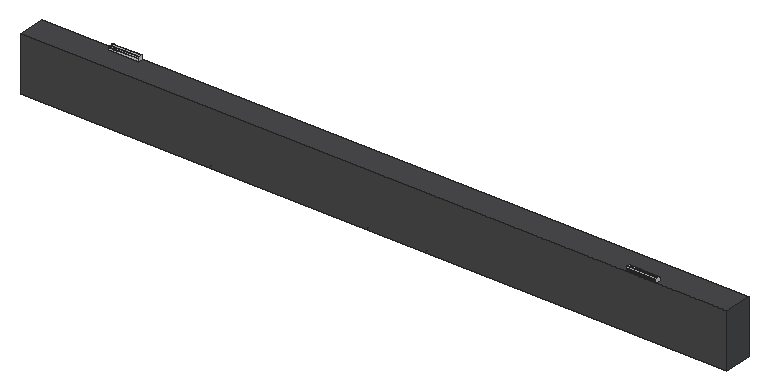
Revit family "DTM40N9.1", category Luminarias, Revit 2019
Family settings
  Cota de conector redondo = Diámetro de uso
  Tipo de pieza = Normal
  Se basa en plano de trabajo = Sí
  Siempre vertical = Sí
  Corte con vacíos al cargar = No
  Origen de luz = Sí
  Compartido = No
  Punto de cálculo de habitación = No
Parameters (values of type "RECTANGULAR DWN RIEL_DTM40N9.1.1535")
  Ángulo de inclinación = 60.00°
  Zone [instance] = ""
  Watt per fixture = 42.9
  Wattage = 42.9 W
  built-in parameter 1150107 = 4000 (stored number, unit not read)
  built-in parameter 1150110 = 1 (stored number, unit not read)
  built-in parameter 1150109 = 1 (stored number, unit not read)
  built-in parameter 1150112 = 1 (stored number, unit not read)
  built-in parameter 1150113 = 1 (stored number, unit not read)
  built-in parameter 1114218 = 1 (stored number, unit not read)
  Keynote = ""
  built-in parameter 1150137 = (empty or 0)
  built-in parameter 1150132 = (empty or 0)
  Modelo = "DTM40N9.1.1535"
  Lámpara = "3030SMD PHILIPS"
  built-in parameter 1150105 = 279.94 (stored number, unit not read)
  built-in parameter 1150102 = (empty or 0)
  built-in parameter 1150106 = 2.7994 (stored number, unit not read)
  Lumens = 3517.8 lm
  Color Filter = 16777215
  built-in parameter 1114217 = 1 (stored number, unit not read)
  built-in parameter 1150139 = (empty or 0)
  Fabricante = "BRILLANT"
  Default Elevation = 1219.2 mm
  built-in parameter 1150104 = 7.618 (stored number, unit not read)
  Descripción = "LUMINARIA DOWNLIGHT EN FORMATO RECTANGULAR COMPATIBLE CON RIEL DE 6 ENTRADAS Y 3 CIRCUITOS, CUERPO DE ALUMINIO ACABADO EN COLOR NEGRO, IP 20, PESO 1.98Kg, TIPO DE LED 3030SMD PHILIPS CON 42.9W TOTAL, 3200 LUMENES, 82LM/W, IRC 90, TEMPERATURA EN BLANCO FRIO 4000K, 50 MIL HORAS DE VIDA PROMEDIO, APERTURA ELIPTICA DE 15X35 GRADOS POR PROYECTO, ALIMENTADO A 90-240V"
  built-in parameter 1150115 = 1 (stored number, unit not read)
  built-in parameter 1150114 = 1 (stored number, unit not read)
  Comentarios de vataje = "90-240V"
  built-in parameter 1150138 = (empty or 0)
  built-in parameter 1150134 = 12
  Circuit [instance] = ""
  Dimming Lamp Color Temperature Shift = (empty or 0)
  Archivo de red fotométrica = "L964A-40W-840-B-15X35_IESNA95.IES"
  built-in parameter 1150133 = 10 (stored number, unit not read)
Reference planes
  plane 1 "Centro (Frontal/Posterior)": y = 0
  plane 2: z = 0
  plane 3 "Centro (Izquierda/Derecha)": x = 0
Forms (mm)
  Extrusion 1, solid, material "Default Form"
    sketch origin (0, 0, 0) x (1, 0, 0) y (0, 0, 1)
      loop
        line (-473, 0) -> (-473, -72) -> (473, -72) -> (473, 0) -> (-473, 0)
    from -18.326 to 18.326
  Extrusion 2, solid
    sketch origin (-250, 0, 3.217) x (0, -1, 0) y (0, 0, 1)
      loop
        line (-12.149, -3.217) -> (-12.149, 0) -> (-12.935, 0) -> (-12.935, 1.637) -> (-13.796, 1.637) -> (-13.796, 0) -> (-14.582, 0) -> (-14.582, 0.811) -> (-15.443, 0.811) -> (-15.443, 0) -> (-16.233, 0) -> (-16.233, 2.691) -> (-17.279, 2.691) -> (-17.279, 0) -> (-18.061, 0) -> (-18.061, -0.861) -> (-17.162, -0.861) -> (-17.162, -2.042) -> (-18.326, -2.042) -> (-18.326, -3.217) -> (-12.149, -3.217)
    from 89.098 to 128.24
  Blend 3, void
    base sketch origin (-293.63, 0, 0) x (1, 0, 0) y (0, 1, 0)
      loop
        line (-162, 16.149) -> (-162, -16.149) -> (-144.14, -16.149) -> (-144.14, 16.149) -> (-162, 16.149)
    top sketch origin (-293.63, 0, 0) x (1, 0, 0) y (0, 1, 0)
      loop
        line (-160, 12.149) -> (-160, -12.149) -> (-146.14, -12.149) -> (-146.14, 12.149) -> (-160, 12.149)
    from -72 to -61.591
  Blend 4, void
    base sketch origin (-267.33, 0, 0) x (1, 0, 0) y (0, 1, 0)
      loop
        line (-162, 16.149) -> (-162, -16.149) -> (-144.14, -16.149) -> (-144.14, 16.149) -> (-162, 16.149)
    top sketch origin (-267.33, 0, 0) x (1, 0, 0) y (0, 1, 0)
      loop
        line (-160, 12.149) -> (-160, -12.149) -> (-146.14, -12.149) -> (-146.14, 12.149) -> (-160, 12.149)
    from -72 to -61.591
  Blend 5, void
    base sketch origin (-241.03, 0, 0) x (1, 0, 0) y (0, 1, 0)
      loop
        line (-162, 16.149) -> (-162, -16.149) -> (-144.14, -16.149) -> (-144.14, 16.149) -> (-162, 16.149)
    top sketch origin (-241.03, 0, 0) x (1, 0, 0) y (0, 1, 0)
      loop
        line (-160, 12.149) -> (-160, -12.149) -> (-146.14, -12.149) -> (-146.14, 12.149) -> (-160, 12.149)
    from -72 to -61.591
  Blend 6, void
    base sketch origin (-214.73, 0, 0) x (1, 0, 0) y (0, 1, 0)
      loop
        line (-162, 16.149) -> (-162, -16.149) -> (-144.14, -16.149) -> (-144.14, 16.149) -> (-162, 16.149)
    top sketch origin (-214.73, 0, 0) x (1, 0, 0) y (0, 1, 0)
      loop
        line (-160, 12.149) -> (-160, -12.149) -> (-146.14, -12.149) -> (-146.14, 12.149) -> (-160, 12.149)
    from -72 to -61.591
  Blend 7, void
    base sketch origin (-188.43, 0, 0) x (1, 0, 0) y (0, 1, 0)
      loop
        line (-162, 16.149) -> (-162, -16.149) -> (-144.14, -16.149) -> (-144.14, 16.149) -> (-162, 16.149)
    top sketch origin (-188.43, 0, 0) x (1, 0, 0) y (0, 1, 0)
      loop
        line (-160, 12.149) -> (-160, -12.149) -> (-146.14, -12.149) -> (-146.14, 12.149) -> (-160, 12.149)
    from -72 to -61.591
  Blend 8, void
    base sketch origin (-162.13, 0, 0) x (1, 0, 0) y (0, 1, 0)
      loop
        line (-162, 16.149) -> (-162, -16.149) -> (-144.14, -16.149) -> (-144.14, 16.149) -> (-162, 16.149)
    top sketch origin (-162.13, 0, 0) x (1, 0, 0) y (0, 1, 0)
      loop
        line (-160, 12.149) -> (-160, -12.149) -> (-146.14, -12.149) -> (-146.14, 12.149) -> (-160, 12.149)
    from -72 to -61.591
  Blend 9, void
    base sketch origin (-135.83, 0, 0) x (1, 0, 0) y (0, 1, 0)
      loop
        line (-162, 16.149) -> (-162, -16.149) -> (-144.14, -16.149) -> (-144.14, 16.149) -> (-162, 16.149)
    top sketch origin (-135.83, 0, 0) x (1, 0, 0) y (0, 1, 0)
      loop
        line (-160, 12.149) -> (-160, -12.149) -> (-146.14, -12.149) -> (-146.14, 12.149) -> (-160, 12.149)
    from -72 to -61.591
  Blend 10, void
    base sketch origin (-109.53, 0, 0) x (1, 0, 0) y (0, 1, 0)
      loop
        line (-162, 16.149) -> (-162, -16.149) -> (-144.14, -16.149) -> (-144.14, 16.149) -> (-162, 16.149)
    top sketch origin (-109.53, 0, 0) x (1, 0, 0) y (0, 1, 0)
      loop
        line (-160, 12.149) -> (-160, -12.149) -> (-146.14, -12.149) -> (-146.14, 12.149) -> (-160, 12.149)
    from -72 to -61.591
  Blend 11, void
    base sketch origin (-83.23, 0, 0) x (1, 0, 0) y (0, 1, 0)
      loop
        line (-162, 16.149) -> (-162, -16.149) -> (-144.14, -16.149) -> (-144.14, 16.149) -> (-162, 16.149)
    top sketch origin (-83.23, 0, 0) x (1, 0, 0) y (0, 1, 0)
      loop
        line (-160, 12.149) -> (-160, -12.149) -> (-146.14, -12.149) -> (-146.14, 12.149) -> (-160, 12.149)
    from -72 to -61.591
  Blend 12, void
    base sketch origin (-56.93, 0, 0) x (1, 0, 0) y (0, 1, 0)
      loop
        line (-162, 16.149) -> (-162, -16.149) -> (-144.14, -16.149) -> (-144.14, 16.149) -> (-162, 16.149)
    top sketch origin (-56.93, 0, 0) x (1, 0, 0) y (0, 1, 0)
      loop
        line (-160, 12.149) -> (-160, -12.149) -> (-146.14, -12.149) -> (-146.14, 12.149) -> (-160, 12.149)
    from -72 to -61.591
  Blend 13, void
    base sketch origin (-30.63, 0, 0) x (1, 0, 0) y (0, 1, 0)
      loop
        line (-162, 16.149) -> (-162, -16.149) -> (-144.14, -16.149) -> (-144.14, 16.149) -> (-162, 16.149)
    top sketch origin (-30.63, 0, 0) x (1, 0, 0) y (0, 1, 0)
      loop
        line (-160, 12.149) -> (-160, -12.149) -> (-146.14, -12.149) -> (-146.14, 12.149) -> (-160, 12.149)
    from -72 to -61.591
  Blend 14, void
    base sketch origin (-4.33, 0, 0) x (1, 0, 0) y (0, 1, 0)
      loop
        line (-162, 16.149) -> (-162, -16.149) -> (-144.14, -16.149) -> (-144.14, 16.149) -> (-162, 16.149)
    top sketch origin (-4.33, 0, 0) x (1, 0, 0) y (0, 1, 0)
      loop
        line (-160, 12.149) -> (-160, -12.149) -> (-146.14, -12.149) -> (-146.14, 12.149) -> (-160, 12.149)
    from -72 to -61.591
  Blend 15, void
    base sketch origin (21.97, 0, 0) x (1, 0, 0) y (0, 1, 0)
      loop
        line (-162, 16.149) -> (-162, -16.149) -> (-144.14, -16.149) -> (-144.14, 16.149) -> (-162, 16.149)
    top sketch origin (21.97, 0, 0) x (1, 0, 0) y (0, 1, 0)
      loop
        line (-160, 12.149) -> (-160, -12.149) -> (-146.14, -12.149) -> (-146.14, 12.149) -> (-160, 12.149)
    from -72 to -61.591
  Blend 16, void
    base sketch origin (48.27, 0, 0) x (1, 0, 0) y (0, 1, 0)
      loop
        line (-162, 16.149) -> (-162, -16.149) -> (-144.14, -16.149) -> (-144.14, 16.149) -> (-162, 16.149)
    top sketch origin (48.27, 0, 0) x (1, 0, 0) y (0, 1, 0)
      loop
        line (-160, 12.149) -> (-160, -12.149) -> (-146.14, -12.149) -> (-146.14, 12.149) -> (-160, 12.149)
    from -72 to -61.591
  Blend 17, void
    base sketch origin (74.57, 0, 0) x (1, 0, 0) y (0, 1, 0)
      loop
        line (-162, 16.149) -> (-162, -16.149) -> (-144.14, -16.149) -> (-144.14, 16.149) -> (-162, 16.149)
    top sketch origin (74.57, 0, 0) x (1, 0, 0) y (0, 1, 0)
      loop
        line (-160, 12.149) -> (-160, -12.149) -> (-146.14, -12.149) -> (-146.14, 12.149) -> (-160, 12.149)
    from -72 to -61.591
  Blend 18, void
    base sketch origin (100.87, 0, 0) x (1, 0, 0) y (0, 1, 0)
      loop
        line (-162, 16.149) -> (-162, -16.149) -> (-144.14, -16.149) -> (-144.14, 16.149) -> (-162, 16.149)
    top sketch origin (100.87, 0, 0) x (1, 0, 0) y (0, 1, 0)
      loop
        line (-160, 12.149) -> (-160, -12.149) -> (-146.14, -12.149) -> (-146.14, 12.149) -> (-160, 12.149)
    from -72 to -61.591
  Blend 19, void
    base sketch origin (127.17, 0, 0) x (1, 0, 0) y (0, 1, 0)
      loop
        line (-162, 16.149) -> (-162, -16.149) -> (-144.14, -16.149) -> (-144.14, 16.149) -> (-162, 16.149)
    top sketch origin (127.17, 0, 0) x (1, 0, 0) y (0, 1, 0)
      loop
        line (-160, 12.149) -> (-160, -12.149) -> (-146.14, -12.149) -> (-146.14, 12.149) -> (-160, 12.149)
    from -72 to -61.591
  Blend 20, void
    base sketch origin (153.47, 0, 0) x (1, 0, 0) y (0, 1, 0)
      loop
        line (-162, 16.149) -> (-162, -16.149) -> (-144.14, -16.149) -> (-144.14, 16.149) -> (-162, 16.149)
    top sketch origin (153.47, 0, 0) x (1, 0, 0) y (0, 1, 0)
      loop
        line (-160, 12.149) -> (-160, -12.149) -> (-146.14, -12.149) -> (-146.14, 12.149) -> (-160, 12.149)
    from -72 to -61.591
  Blend 21, void
    base sketch origin (179.77, 0, 0) x (1, 0, 0) y (0, 1, 0)
      loop
        line (-162, 16.149) -> (-162, -16.149) -> (-144.14, -16.149) -> (-144.14, 16.149) -> (-162, 16.149)
    top sketch origin (179.77, 0, 0) x (1, 0, 0) y (0, 1, 0)
      loop
        line (-160, 12.149) -> (-160, -12.149) -> (-146.14, -12.149) -> (-146.14, 12.149) -> (-160, 12.149)
    from -72 to -61.591
  Blend 22, void
    base sketch origin (206.07, 0, 0) x (1, 0, 0) y (0, 1, 0)
      loop
        line (-162, 16.149) -> (-162, -16.149) -> (-144.14, -16.149) -> (-144.14, 16.149) -> (-162, 16.149)
    top sketch origin (206.07, 0, 0) x (1, 0, 0) y (0, 1, 0)
      loop
        line (-160, 12.149) -> (-160, -12.149) -> (-146.14, -12.149) -> (-146.14, 12.149) -> (-160, 12.149)
    from -72 to -61.591
  Blend 23, void
    base sketch origin (232.37, 0, 0) x (1, 0, 0) y (0, 1, 0)
      loop
        line (-162, 16.149) -> (-162, -16.149) -> (-144.14, -16.149) -> (-144.14, 16.149) -> (-162, 16.149)
    top sketch origin (232.37, 0, 0) x (1, 0, 0) y (0, 1, 0)
      loop
        line (-160, 12.149) -> (-160, -12.149) -> (-146.14, -12.149) -> (-146.14, 12.149) -> (-160, 12.149)
    from -72 to -61.591
  Blend 24, void
    base sketch origin (258.67, 0, 0) x (1, 0, 0) y (0, 1, 0)
      loop
        line (-162, 16.149) -> (-162, -16.149) -> (-144.14, -16.149) -> (-144.14, 16.149) -> (-162, 16.149)
    top sketch origin (258.67, 0, 0) x (1, 0, 0) y (0, 1, 0)
      loop
        line (-160, 12.149) -> (-160, -12.149) -> (-146.14, -12.149) -> (-146.14, 12.149) -> (-160, 12.149)
    from -72 to -61.591
  Blend 25, void
    base sketch origin (284.97, 0, 0) x (1, 0, 0) y (0, 1, 0)
      loop
        line (-162, 16.149) -> (-162, -16.149) -> (-144.14, -16.149) -> (-144.14, 16.149) -> (-162, 16.149)
    top sketch origin (284.97, 0, 0) x (1, 0, 0) y (0, 1, 0)
      loop
        line (-160, 12.149) -> (-160, -12.149) -> (-146.14, -12.149) -> (-146.14, 12.149) -> (-160, 12.149)
    from -72 to -61.591
  Blend 26, void
    base sketch origin (311.27, 0, 0) x (1, 0, 0) y (0, 1, 0)
      loop
        line (-162, 16.149) -> (-162, -16.149) -> (-144.14, -16.149) -> (-144.14, 16.149) -> (-162, 16.149)
    top sketch origin (311.27, 0, 0) x (1, 0, 0) y (0, 1, 0)
      loop
        line (-160, 12.149) -> (-160, -12.149) -> (-146.14, -12.149) -> (-146.14, 12.149) -> (-160, 12.149)
    from -72 to -61.591
  Blend 27, void
    base sketch origin (337.57, 0, 0) x (1, 0, 0) y (0, 1, 0)
      loop
        line (-162, 16.149) -> (-162, -16.149) -> (-144.14, -16.149) -> (-144.14, 16.149) -> (-162, 16.149)
    top sketch origin (337.57, 0, 0) x (1, 0, 0) y (0, 1, 0)
      loop
        line (-160, 12.149) -> (-160, -12.149) -> (-146.14, -12.149) -> (-146.14, 12.149) -> (-160, 12.149)
    from -72 to -61.591
  Blend 28, void
    base sketch origin (363.87, 0, 0) x (1, 0, 0) y (0, 1, 0)
      loop
        line (-162, 16.149) -> (-162, -16.149) -> (-144.14, -16.149) -> (-144.14, 16.149) -> (-162, 16.149)
    top sketch origin (363.87, 0, 0) x (1, 0, 0) y (0, 1, 0)
      loop
        line (-160, 12.149) -> (-160, -12.149) -> (-146.14, -12.149) -> (-146.14, 12.149) -> (-160, 12.149)
    from -72 to -61.591
  Blend 29, void
    base sketch origin (390.17, 0, 0) x (1, 0, 0) y (0, 1, 0)
      loop
        line (-162, 16.149) -> (-162, -16.149) -> (-144.14, -16.149) -> (-144.14, 16.149) -> (-162, 16.149)
    top sketch origin (390.17, 0, 0) x (1, 0, 0) y (0, 1, 0)
      loop
        line (-160, 12.149) -> (-160, -12.149) -> (-146.14, -12.149) -> (-146.14, 12.149) -> (-160, 12.149)
    from -72 to -61.591
  Blend 30, void
    base sketch origin (416.47, 0, 0) x (1, 0, 0) y (0, 1, 0)
      loop
        line (-162, 16.149) -> (-162, -16.149) -> (-144.14, -16.149) -> (-144.14, 16.149) -> (-162, 16.149)
    top sketch origin (416.47, 0, 0) x (1, 0, 0) y (0, 1, 0)
      loop
        line (-160, 12.149) -> (-160, -12.149) -> (-146.14, -12.149) -> (-146.14, 12.149) -> (-160, 12.149)
    from -72 to -61.591
  Blend 31, void
    base sketch origin (442.77, 0, 0) x (1, 0, 0) y (0, 1, 0)
      loop
        line (-162, 16.149) -> (-162, -16.149) -> (-144.14, -16.149) -> (-144.14, 16.149) -> (-162, 16.149)
    top sketch origin (442.77, 0, 0) x (1, 0, 0) y (0, 1, 0)
      loop
        line (-160, 12.149) -> (-160, -12.149) -> (-146.14, -12.149) -> (-146.14, 12.149) -> (-160, 12.149)
    from -72 to -61.591
  Blend 32, void
    base sketch origin (469.07, 0, 0) x (1, 0, 0) y (0, 1, 0)
      loop
        line (-162, 16.149) -> (-162, -16.149) -> (-144.14, -16.149) -> (-144.14, 16.149) -> (-162, 16.149)
    top sketch origin (469.07, 0, 0) x (1, 0, 0) y (0, 1, 0)
      loop
        line (-160, 12.149) -> (-160, -12.149) -> (-146.14, -12.149) -> (-146.14, 12.149) -> (-160, 12.149)
    from -72 to -61.591
  Blend 33, void
    base sketch origin (495.37, 0, 0) x (1, 0, 0) y (0, 1, 0)
      loop
        line (-162, 16.149) -> (-162, -16.149) -> (-144.14, -16.149) -> (-144.14, 16.149) -> (-162, 16.149)
    top sketch origin (495.37, 0, 0) x (1, 0, 0) y (0, 1, 0)
      loop
        line (-160, 12.149) -> (-160, -12.149) -> (-146.14, -12.149) -> (-146.14, 12.149) -> (-160, 12.149)
    from -72 to -61.591
  Blend 34, void
    base sketch origin (521.67, 0, 0) x (1, 0, 0) y (0, 1, 0)
      loop
        line (-162, 16.149) -> (-162, -16.149) -> (-144.14, -16.149) -> (-144.14, 16.149) -> (-162, 16.149)
    top sketch origin (521.67, 0, 0) x (1, 0, 0) y (0, 1, 0)
      loop
        line (-160, 12.149) -> (-160, -12.149) -> (-146.14, -12.149) -> (-146.14, 12.149) -> (-160, 12.149)
    from -72 to -61.591
  Blend 35, void
    base sketch origin (547.97, 0, 0) x (1, 0, 0) y (0, 1, 0)
      loop
        line (-162, 16.149) -> (-162, -16.149) -> (-144.14, -16.149) -> (-144.14, 16.149) -> (-162, 16.149)
    top sketch origin (547.97, 0, 0) x (1, 0, 0) y (0, 1, 0)
      loop
        line (-160, 12.149) -> (-160, -12.149) -> (-146.14, -12.149) -> (-146.14, 12.149) -> (-160, 12.149)
    from -72 to -61.591
  Blend 36, void
    base sketch origin (574.27, 0, 0) x (1, 0, 0) y (0, 1, 0)
      loop
        line (-162, 16.149) -> (-162, -16.149) -> (-144.14, -16.149) -> (-144.14, 16.149) -> (-162, 16.149)
    top sketch origin (574.27, 0, 0) x (1, 0, 0) y (0, 1, 0)
      loop
        line (-160, 12.149) -> (-160, -12.149) -> (-146.14, -12.149) -> (-146.14, 12.149) -> (-160, 12.149)
    from -72 to -61.591
  Blend 37, void
    base sketch origin (600.57, 0, 0) x (1, 0, 0) y (0, 1, 0)
      loop
        line (-162, 16.149) -> (-162, -16.149) -> (-144.14, -16.149) -> (-144.14, 16.149) -> (-162, 16.149)
    top sketch origin (600.57, 0, 0) x (1, 0, 0) y (0, 1, 0)
      loop
        line (-160, 12.149) -> (-160, -12.149) -> (-146.14, -12.149) -> (-146.14, 12.149) -> (-160, 12.149)
    from -72 to -61.591
  Extrusion 38, solid
    sketch origin (250, 0, 3.217) x (0, 1, 0) y (0, 0, 1)
      loop
        line (-12.149, -3.217) -> (-12.149, 0) -> (-12.935, 0) -> (-12.935, 1.637) -> (-13.796, 1.637) -> (-13.796, 0) -> (-14.582, 0) -> (-14.582, 0.811) -> (-15.443, 0.811) -> (-15.443, 0) -> (-16.233, 0) -> (-16.233, 2.691) -> (-17.279, 2.691) -> (-17.279, 0) -> (-18.061, 0) -> (-18.061, -0.861) -> (-17.162, -0.861) -> (-17.162, -2.042) -> (-18.326, -2.042) -> (-18.326, -3.217) -> (-12.149, -3.217)
    from 89.098 to 128.24
Cuts and joins
  Blend 3, Blend 4, Blend 5, Blend 6, Blend 7, Blend 8, Blend 9, Blend 10, Blend 11, Blend 12, Blend 13, Blend 14, Blend 15, Blend 16, Blend 17, Blend 18, Blend 19, Blend 20, Blend 21, Blend 22, Blend 23, Blend 24, Blend 25, Blend 26, Blend 27, Blend 28, Blend 29, Blend 30, Blend 31, Blend 32, Blend 33, Blend 34, Blend 35, Blend 36, Blend 37 cuts Extrusion 1
Dimensions and locks
  equal spacing: Extrusion 1, plane 1 "Centro (Frontal/Posterior)", Extrusion 1
  Extrusion 1 to plane 1 "Centro (Frontal/Posterior)" = 18.326 mm
  Extrusion 1 to Extrusion 1 = 36.651 mm
  Extrusion 1 to Extrusion 1 = 72 mm
  Extrusion 1 to Extrusion 1 = 946 mm
  cut or joined group 1 (Extrusion 1, Blend 3, Blend 4, Blend 5, Blend 6, Blend 7, Blend 8, Blend 9, Blend 10, Blend 11, Blend 12, Blend 13, Blend 14, Blend 15, Blend 16, Blend 17, Blend 18, Blend 19, Blend 20, Blend 21, Blend 22, Blend 23, Blend 24, Blend 25, Blend 26, Blend 27, Blend 28, Blend 29, Blend 30, Blend 31, Blend 32, Blend 33, Blend 34, Blend 35, Blend 36, Blend 37) to cut or joined group 1 = 72 mm
  cut or joined group 1 to cut or joined group 1 = 36.651 mm
  cut or joined group 1 to cut or joined group 1 = 946 mm
  equal spacing: cut or joined group 1, plane 1 "Centro (Frontal/Posterior)", cut or joined group 1
  aligned and locked: level to plane 2
Automatic sketch dimensions
  Extrusion 1 sketch curve to level = 0 mm
  Extrusion 1 sketch curve to level = 72 mm
  Extrusion 1 sketch curve to plane 3 "Centro (Izquierda/Derecha)" = 473 mm
  plane 3 "Centro (Izquierda/Derecha)" to Extrusion 1 sketch curve = 473 mm
  Extrusion 2 sketch curve to level = 0 mm
  level to Extrusion 2 sketch curve = 1.175 mm
  Extrusion 2 sketch curve to plane 1 "Centro (Frontal/Posterior)" = 18.326 mm
  Extrusion 2 sketch curve to Extrusion 2 sketch curve = 0.265 mm
  Extrusion 2 sketch curve to Extrusion 2 sketch curve = 0.782 mm
  Extrusion 2 sketch curve to Extrusion 2 sketch curve = 1.164 mm
  Extrusion 2 sketch curve to Extrusion 2 sketch curve = 1.046 mm
  Extrusion 2 sketch curve to Extrusion 2 sketch curve = 0.789 mm
  Extrusion 2 sketch curve to Extrusion 2 sketch curve = 0.861 mm  (x3)
  Extrusion 2 sketch curve to Extrusion 2 sketch curve = 0.786 mm
  Extrusion 2 sketch curve to Extrusion 2 sketch curve = 0.785 mm
  Extrusion 2 sketch curve to Extrusion 2 sketch curve = 1.181 mm
  level to Extrusion 2 sketch curve = 3.217 mm
  Extrusion 2 sketch curve to Extrusion 2 sketch curve = 0 mm  (x2)
  Extrusion 2 sketch curve to Extrusion 2 sketch curve = 0.811 mm
  Extrusion 2 sketch curve to Extrusion 2 sketch curve = 0.826 mm
  Extrusion 2 sketch curve to Extrusion 2 sketch curve = 1.88 mm
  Blend 3 sketch curve to plane 1 "Centro (Frontal/Posterior)" = 16.149 mm
  Blend 3 sketch curve to plane 3 "Centro (Izquierda/Derecha)" = 455.63 mm
  Blend 3 sketch curve to Blend 3 sketch curve = 17.86 mm
  plane 1 "Centro (Frontal/Posterior)" to Blend 3 sketch curve = 16.149 mm
  Blend 3 sketch curve to plane 1 "Centro (Frontal/Posterior)" = 12.149 mm
  Blend 3 sketch curve to plane 3 "Centro (Izquierda/Derecha)" = 453.63 mm
  Blend 3 sketch curve to Blend 3 sketch curve = 13.86 mm
  plane 1 "Centro (Frontal/Posterior)" to Blend 3 sketch curve = 12.149 mm
  Blend 4 sketch curve to plane 1 "Centro (Frontal/Posterior)" = 16.149 mm
  Blend 4 sketch curve to plane 3 "Centro (Izquierda/Derecha)" = 429.33 mm
  Blend 4 sketch curve to Blend 4 sketch curve = 17.86 mm
  plane 1 "Centro (Frontal/Posterior)" to Blend 4 sketch curve = 16.149 mm
  Blend 4 sketch curve to plane 1 "Centro (Frontal/Posterior)" = 12.149 mm
  Blend 4 sketch curve to plane 3 "Centro (Izquierda/Derecha)" = 427.33 mm
  Blend 4 sketch curve to Blend 4 sketch curve = 13.86 mm
  plane 1 "Centro (Frontal/Posterior)" to Blend 4 sketch curve = 12.149 mm
  Blend 5 sketch curve to plane 1 "Centro (Frontal/Posterior)" = 16.149 mm
  Blend 5 sketch curve to plane 3 "Centro (Izquierda/Derecha)" = 403.03 mm
  Blend 5 sketch curve to Blend 5 sketch curve = 17.86 mm
  plane 1 "Centro (Frontal/Posterior)" to Blend 5 sketch curve = 16.149 mm
  Blend 5 sketch curve to plane 1 "Centro (Frontal/Posterior)" = 12.149 mm
  Blend 5 sketch curve to plane 3 "Centro (Izquierda/Derecha)" = 401.03 mm
  Blend 5 sketch curve to Blend 5 sketch curve = 13.86 mm
  plane 1 "Centro (Frontal/Posterior)" to Blend 5 sketch curve = 12.149 mm
  Blend 6 sketch curve to plane 1 "Centro (Frontal/Posterior)" = 16.149 mm
  Blend 6 sketch curve to plane 3 "Centro (Izquierda/Derecha)" = 376.73 mm
  Blend 6 sketch curve to Blend 6 sketch curve = 17.86 mm
  plane 1 "Centro (Frontal/Posterior)" to Blend 6 sketch curve = 16.149 mm
  Blend 6 sketch curve to plane 1 "Centro (Frontal/Posterior)" = 12.149 mm
  Blend 6 sketch curve to plane 3 "Centro (Izquierda/Derecha)" = 374.73 mm
  Blend 6 sketch curve to Blend 6 sketch curve = 13.86 mm
  plane 1 "Centro (Frontal/Posterior)" to Blend 6 sketch curve = 12.149 mm
  Blend 7 sketch curve to plane 1 "Centro (Frontal/Posterior)" = 16.149 mm
  Blend 7 sketch curve to plane 3 "Centro (Izquierda/Derecha)" = 350.43 mm
  Blend 7 sketch curve to Blend 7 sketch curve = 17.86 mm
  plane 1 "Centro (Frontal/Posterior)" to Blend 7 sketch curve = 16.149 mm
  Blend 7 sketch curve to plane 1 "Centro (Frontal/Posterior)" = 12.149 mm
  Blend 7 sketch curve to plane 3 "Centro (Izquierda/Derecha)" = 348.43 mm
  Blend 7 sketch curve to Blend 7 sketch curve = 13.86 mm
  plane 1 "Centro (Frontal/Posterior)" to Blend 7 sketch curve = 12.149 mm
  Blend 8 sketch curve to plane 1 "Centro (Frontal/Posterior)" = 16.149 mm
  Blend 8 sketch curve to plane 3 "Centro (Izquierda/Derecha)" = 324.13 mm
  Blend 8 sketch curve to Blend 8 sketch curve = 17.86 mm
  plane 1 "Centro (Frontal/Posterior)" to Blend 8 sketch curve = 16.149 mm
  Blend 8 sketch curve to plane 1 "Centro (Frontal/Posterior)" = 12.149 mm
  Blend 8 sketch curve to plane 3 "Centro (Izquierda/Derecha)" = 322.13 mm
  Blend 8 sketch curve to Blend 8 sketch curve = 13.86 mm
  plane 1 "Centro (Frontal/Posterior)" to Blend 8 sketch curve = 12.149 mm
  Blend 9 sketch curve to plane 1 "Centro (Frontal/Posterior)" = 16.149 mm
  Blend 9 sketch curve to plane 3 "Centro (Izquierda/Derecha)" = 297.83 mm
  Blend 9 sketch curve to Blend 9 sketch curve = 17.86 mm
  plane 1 "Centro (Frontal/Posterior)" to Blend 9 sketch curve = 16.149 mm
  Blend 9 sketch curve to plane 1 "Centro (Frontal/Posterior)" = 12.149 mm
  Blend 9 sketch curve to plane 3 "Centro (Izquierda/Derecha)" = 295.83 mm
  Blend 9 sketch curve to Blend 9 sketch curve = 13.86 mm
  plane 1 "Centro (Frontal/Posterior)" to Blend 9 sketch curve = 12.149 mm
  Blend 10 sketch curve to plane 1 "Centro (Frontal/Posterior)" = 16.149 mm
  Blend 10 sketch curve to plane 3 "Centro (Izquierda/Derecha)" = 271.53 mm
  Blend 10 sketch curve to Blend 10 sketch curve = 17.86 mm
  plane 1 "Centro (Frontal/Posterior)" to Blend 10 sketch curve = 16.149 mm
  Blend 10 sketch curve to plane 1 "Centro (Frontal/Posterior)" = 12.149 mm
  Blend 10 sketch curve to plane 3 "Centro (Izquierda/Derecha)" = 269.53 mm
  Blend 10 sketch curve to Blend 10 sketch curve = 13.86 mm
  plane 1 "Centro (Frontal/Posterior)" to Blend 10 sketch curve = 12.149 mm
  Blend 11 sketch curve to plane 1 "Centro (Frontal/Posterior)" = 16.149 mm
  Blend 11 sketch curve to plane 3 "Centro (Izquierda/Derecha)" = 245.23 mm
  Blend 11 sketch curve to Blend 11 sketch curve = 17.86 mm
  plane 1 "Centro (Frontal/Posterior)" to Blend 11 sketch curve = 16.149 mm
  Blend 11 sketch curve to plane 1 "Centro (Frontal/Posterior)" = 12.149 mm
  Blend 11 sketch curve to plane 3 "Centro (Izquierda/Derecha)" = 243.23 mm
  Blend 11 sketch curve to Blend 11 sketch curve = 13.86 mm
  plane 1 "Centro (Frontal/Posterior)" to Blend 11 sketch curve = 12.149 mm
  Blend 12 sketch curve to plane 1 "Centro (Frontal/Posterior)" = 16.149 mm
  Blend 12 sketch curve to plane 3 "Centro (Izquierda/Derecha)" = 218.93 mm
  Blend 12 sketch curve to Blend 12 sketch curve = 17.86 mm
  plane 1 "Centro (Frontal/Posterior)" to Blend 12 sketch curve = 16.149 mm
  Blend 12 sketch curve to plane 1 "Centro (Frontal/Posterior)" = 12.149 mm
  Blend 12 sketch curve to plane 3 "Centro (Izquierda/Derecha)" = 216.93 mm
  Blend 12 sketch curve to Blend 12 sketch curve = 13.86 mm
  plane 1 "Centro (Frontal/Posterior)" to Blend 12 sketch curve = 12.149 mm
  Blend 13 sketch curve to plane 1 "Centro (Frontal/Posterior)" = 16.149 mm
  Blend 13 sketch curve to plane 3 "Centro (Izquierda/Derecha)" = 192.63 mm
  Blend 13 sketch curve to Blend 13 sketch curve = 17.86 mm
  plane 1 "Centro (Frontal/Posterior)" to Blend 13 sketch curve = 16.149 mm
  Blend 13 sketch curve to plane 1 "Centro (Frontal/Posterior)" = 12.149 mm
  Blend 13 sketch curve to plane 3 "Centro (Izquierda/Derecha)" = 190.63 mm
  Blend 13 sketch curve to Blend 13 sketch curve = 13.86 mm
  plane 1 "Centro (Frontal/Posterior)" to Blend 13 sketch curve = 12.149 mm
  Blend 14 sketch curve to plane 1 "Centro (Frontal/Posterior)" = 16.149 mm
  Blend 14 sketch curve to plane 3 "Centro (Izquierda/Derecha)" = 166.33 mm
  Blend 14 sketch curve to Blend 14 sketch curve = 17.86 mm
  plane 1 "Centro (Frontal/Posterior)" to Blend 14 sketch curve = 16.149 mm
  Blend 14 sketch curve to plane 1 "Centro (Frontal/Posterior)" = 12.149 mm
  Blend 14 sketch curve to plane 3 "Centro (Izquierda/Derecha)" = 164.33 mm
  Blend 14 sketch curve to Blend 14 sketch curve = 13.86 mm
  plane 1 "Centro (Frontal/Posterior)" to Blend 14 sketch curve = 12.149 mm
  Blend 15 sketch curve to plane 1 "Centro (Frontal/Posterior)" = 16.149 mm
  Blend 15 sketch curve to plane 3 "Centro (Izquierda/Derecha)" = 140.03 mm
  Blend 15 sketch curve to Blend 15 sketch curve = 17.86 mm
  plane 1 "Centro (Frontal/Posterior)" to Blend 15 sketch curve = 16.149 mm
  Blend 15 sketch curve to plane 1 "Centro (Frontal/Posterior)" = 12.149 mm
  Blend 15 sketch curve to plane 3 "Centro (Izquierda/Derecha)" = 138.03 mm
  Blend 15 sketch curve to Blend 15 sketch curve = 13.86 mm
  plane 1 "Centro (Frontal/Posterior)" to Blend 15 sketch curve = 12.149 mm
  Blend 16 sketch curve to plane 1 "Centro (Frontal/Posterior)" = 16.149 mm
  Blend 16 sketch curve to plane 3 "Centro (Izquierda/Derecha)" = 113.73 mm
  Blend 16 sketch curve to Blend 16 sketch curve = 17.86 mm
  plane 1 "Centro (Frontal/Posterior)" to Blend 16 sketch curve = 16.149 mm
  Blend 16 sketch curve to plane 1 "Centro (Frontal/Posterior)" = 12.149 mm
  Blend 16 sketch curve to plane 3 "Centro (Izquierda/Derecha)" = 111.73 mm
  Blend 16 sketch curve to Blend 16 sketch curve = 13.86 mm
  plane 1 "Centro (Frontal/Posterior)" to Blend 16 sketch curve = 12.149 mm
  Blend 17 sketch curve to plane 1 "Centro (Frontal/Posterior)" = 16.149 mm
  Blend 17 sketch curve to plane 3 "Centro (Izquierda/Derecha)" = 87.43 mm
  Blend 17 sketch curve to Blend 17 sketch curve = 17.86 mm
  plane 1 "Centro (Frontal/Posterior)" to Blend 17 sketch curve = 16.149 mm
  Blend 17 sketch curve to plane 1 "Centro (Frontal/Posterior)" = 12.149 mm
  Blend 17 sketch curve to plane 3 "Centro (Izquierda/Derecha)" = 85.43 mm
  Blend 17 sketch curve to Blend 17 sketch curve = 13.86 mm
  plane 1 "Centro (Frontal/Posterior)" to Blend 17 sketch curve = 12.149 mm
  Blend 18 sketch curve to plane 1 "Centro (Frontal/Posterior)" = 16.149 mm
  Blend 18 sketch curve to plane 3 "Centro (Izquierda/Derecha)" = 61.13 mm
  Blend 18 sketch curve to Blend 18 sketch curve = 17.86 mm
  plane 1 "Centro (Frontal/Posterior)" to Blend 18 sketch curve = 16.149 mm
  Blend 18 sketch curve to plane 1 "Centro (Frontal/Posterior)" = 12.149 mm
  Blend 18 sketch curve to plane 3 "Centro (Izquierda/Derecha)" = 59.13 mm
  Blend 18 sketch curve to Blend 18 sketch curve = 13.86 mm
  plane 1 "Centro (Frontal/Posterior)" to Blend 18 sketch curve = 12.149 mm
  Blend 19 sketch curve to plane 1 "Centro (Frontal/Posterior)" = 16.149 mm
  Blend 19 sketch curve to plane 3 "Centro (Izquierda/Derecha)" = 34.83 mm
  Blend 19 sketch curve to plane 3 "Centro (Izquierda/Derecha)" = 16.97 mm
  plane 1 "Centro (Frontal/Posterior)" to Blend 19 sketch curve = 16.149 mm
  Blend 19 sketch curve to plane 1 "Centro (Frontal/Posterior)" = 12.149 mm
  Blend 19 sketch curve to plane 3 "Centro (Izquierda/Derecha)" = 32.83 mm
  Blend 19 sketch curve to Blend 19 sketch curve = 13.86 mm
  plane 1 "Centro (Frontal/Posterior)" to Blend 19 sketch curve = 12.149 mm
  Blend 20 sketch curve to plane 3 "Centro (Izquierda/Derecha)" = 8.53 mm
  plane 3 "Centro (Izquierda/Derecha)" to Blend 20 sketch curve = 9.33 mm
  plane 1 "Centro (Frontal/Posterior)" to Blend 20 sketch curve = 16.149 mm
  Blend 20 sketch curve to plane 1 "Centro (Frontal/Posterior)" = 16.149 mm
  Blend 20 sketch curve to plane 3 "Centro (Izquierda/Derecha)" = 6.53 mm
  plane 3 "Centro (Izquierda/Derecha)" to Blend 20 sketch curve = 7.33 mm
  plane 1 "Centro (Frontal/Posterior)" to Blend 20 sketch curve = 12.149 mm
  Blend 20 sketch curve to plane 1 "Centro (Frontal/Posterior)" = 12.149 mm
  plane 3 "Centro (Izquierda/Derecha)" to Blend 21 sketch curve = 17.77 mm
  Blend 21 sketch curve to Blend 21 sketch curve = 17.86 mm
  plane 1 "Centro (Frontal/Posterior)" to Blend 21 sketch curve = 16.149 mm
  Blend 21 sketch curve to plane 1 "Centro (Frontal/Posterior)" = 16.149 mm
  plane 3 "Centro (Izquierda/Derecha)" to Blend 21 sketch curve = 19.77 mm
  Blend 21 sketch curve to Blend 21 sketch curve = 13.86 mm
  plane 1 "Centro (Frontal/Posterior)" to Blend 21 sketch curve = 12.149 mm
  Blend 21 sketch curve to plane 1 "Centro (Frontal/Posterior)" = 12.149 mm
  Blend 22 sketch curve to plane 1 "Centro (Frontal/Posterior)" = 16.149 mm
  plane 3 "Centro (Izquierda/Derecha)" to Blend 22 sketch curve = 44.07 mm
  Blend 22 sketch curve to Blend 22 sketch curve = 17.86 mm
  plane 1 "Centro (Frontal/Posterior)" to Blend 22 sketch curve = 16.149 mm
  Blend 22 sketch curve to plane 1 "Centro (Frontal/Posterior)" = 12.149 mm
  plane 3 "Centro (Izquierda/Derecha)" to Blend 22 sketch curve = 46.07 mm
  Blend 22 sketch curve to Blend 22 sketch curve = 13.86 mm
  plane 1 "Centro (Frontal/Posterior)" to Blend 22 sketch curve = 12.149 mm
  Blend 23 sketch curve to plane 1 "Centro (Frontal/Posterior)" = 16.149 mm
  plane 3 "Centro (Izquierda/Derecha)" to Blend 23 sketch curve = 70.37 mm
  Blend 23 sketch curve to Blend 23 sketch curve = 17.86 mm
  plane 1 "Centro (Frontal/Posterior)" to Blend 23 sketch curve = 16.149 mm
  Blend 23 sketch curve to plane 1 "Centro (Frontal/Posterior)" = 12.149 mm
  plane 3 "Centro (Izquierda/Derecha)" to Blend 23 sketch curve = 72.37 mm
  Blend 23 sketch curve to Blend 23 sketch curve = 13.86 mm
  plane 1 "Centro (Frontal/Posterior)" to Blend 23 sketch curve = 12.149 mm
  Blend 24 sketch curve to plane 1 "Centro (Frontal/Posterior)" = 16.149 mm
  plane 3 "Centro (Izquierda/Derecha)" to Blend 24 sketch curve = 96.67 mm
  Blend 24 sketch curve to Blend 24 sketch curve = 17.86 mm
  plane 1 "Centro (Frontal/Posterior)" to Blend 24 sketch curve = 16.149 mm
  Blend 24 sketch curve to plane 1 "Centro (Frontal/Posterior)" = 12.149 mm
  plane 3 "Centro (Izquierda/Derecha)" to Blend 24 sketch curve = 98.67 mm
  Blend 24 sketch curve to Blend 24 sketch curve = 13.86 mm
  plane 1 "Centro (Frontal/Posterior)" to Blend 24 sketch curve = 12.149 mm
  Blend 25 sketch curve to plane 1 "Centro (Frontal/Posterior)" = 16.149 mm
  plane 3 "Centro (Izquierda/Derecha)" to Blend 25 sketch curve = 122.97 mm
  Blend 25 sketch curve to Blend 25 sketch curve = 17.86 mm
  plane 1 "Centro (Frontal/Posterior)" to Blend 25 sketch curve = 16.149 mm
  Blend 25 sketch curve to plane 1 "Centro (Frontal/Posterior)" = 12.149 mm
  plane 3 "Centro (Izquierda/Derecha)" to Blend 25 sketch curve = 124.97 mm
  Blend 25 sketch curve to Blend 25 sketch curve = 13.86 mm
  plane 1 "Centro (Frontal/Posterior)" to Blend 25 sketch curve = 12.149 mm
  Blend 26 sketch curve to plane 1 "Centro (Frontal/Posterior)" = 16.149 mm
  plane 3 "Centro (Izquierda/Derecha)" to Blend 26 sketch curve = 149.27 mm
  Blend 26 sketch curve to Blend 26 sketch curve = 17.86 mm
  plane 1 "Centro (Frontal/Posterior)" to Blend 26 sketch curve = 16.149 mm
  Blend 26 sketch curve to plane 1 "Centro (Frontal/Posterior)" = 12.149 mm
  plane 3 "Centro (Izquierda/Derecha)" to Blend 26 sketch curve = 151.27 mm
  Blend 26 sketch curve to Blend 26 sketch curve = 13.86 mm
  plane 1 "Centro (Frontal/Posterior)" to Blend 26 sketch curve = 12.149 mm
  Blend 27 sketch curve to plane 1 "Centro (Frontal/Posterior)" = 16.149 mm
  plane 3 "Centro (Izquierda/Derecha)" to Blend 27 sketch curve = 175.57 mm
  Blend 27 sketch curve to Blend 27 sketch curve = 17.86 mm
  plane 1 "Centro (Frontal/Posterior)" to Blend 27 sketch curve = 16.149 mm
  Blend 27 sketch curve to plane 1 "Centro (Frontal/Posterior)" = 12.149 mm
  plane 3 "Centro (Izquierda/Derecha)" to Blend 27 sketch curve = 177.57 mm
  Blend 27 sketch curve to Blend 27 sketch curve = 13.86 mm
  plane 1 "Centro (Frontal/Posterior)" to Blend 27 sketch curve = 12.149 mm
  Blend 28 sketch curve to plane 1 "Centro (Frontal/Posterior)" = 16.149 mm
  plane 3 "Centro (Izquierda/Derecha)" to Blend 28 sketch curve = 201.87 mm
  Blend 28 sketch curve to Blend 28 sketch curve = 17.86 mm
  plane 1 "Centro (Frontal/Posterior)" to Blend 28 sketch curve = 16.149 mm
  Blend 28 sketch curve to plane 1 "Centro (Frontal/Posterior)" = 12.149 mm
  plane 3 "Centro (Izquierda/Derecha)" to Blend 28 sketch curve = 203.87 mm
  Blend 28 sketch curve to Blend 28 sketch curve = 13.86 mm
  plane 1 "Centro (Frontal/Posterior)" to Blend 28 sketch curve = 12.149 mm
  Blend 29 sketch curve to plane 1 "Centro (Frontal/Posterior)" = 16.149 mm
  plane 3 "Centro (Izquierda/Derecha)" to Blend 29 sketch curve = 228.17 mm
  Blend 29 sketch curve to Blend 29 sketch curve = 17.86 mm
  plane 1 "Centro (Frontal/Posterior)" to Blend 29 sketch curve = 16.149 mm
  Blend 29 sketch curve to plane 1 "Centro (Frontal/Posterior)" = 12.149 mm
  plane 3 "Centro (Izquierda/Derecha)" to Blend 29 sketch curve = 230.17 mm
  Blend 29 sketch curve to Blend 29 sketch curve = 13.86 mm
  plane 1 "Centro (Frontal/Posterior)" to Blend 29 sketch curve = 12.149 mm
  Blend 30 sketch curve to plane 1 "Centro (Frontal/Posterior)" = 16.149 mm
  plane 3 "Centro (Izquierda/Derecha)" to Blend 30 sketch curve = 254.47 mm
  Blend 30 sketch curve to Blend 30 sketch curve = 17.86 mm
  plane 1 "Centro (Frontal/Posterior)" to Blend 30 sketch curve = 16.149 mm
  Blend 30 sketch curve to plane 1 "Centro (Frontal/Posterior)" = 12.149 mm
  plane 3 "Centro (Izquierda/Derecha)" to Blend 30 sketch curve = 256.47 mm
  Blend 30 sketch curve to Blend 30 sketch curve = 13.86 mm
  plane 1 "Centro (Frontal/Posterior)" to Blend 30 sketch curve = 12.149 mm
  Blend 31 sketch curve to plane 1 "Centro (Frontal/Posterior)" = 16.149 mm
  plane 3 "Centro (Izquierda/Derecha)" to Blend 31 sketch curve = 280.77 mm
  Blend 31 sketch curve to Blend 31 sketch curve = 17.86 mm
  plane 1 "Centro (Frontal/Posterior)" to Blend 31 sketch curve = 16.149 mm
  Blend 31 sketch curve to plane 1 "Centro (Frontal/Posterior)" = 12.149 mm
  plane 3 "Centro (Izquierda/Derecha)" to Blend 31 sketch curve = 282.77 mm
  Blend 31 sketch curve to Blend 31 sketch curve = 13.86 mm
  plane 1 "Centro (Frontal/Posterior)" to Blend 31 sketch curve = 12.149 mm
  Blend 32 sketch curve to plane 1 "Centro (Frontal/Posterior)" = 16.149 mm
  plane 3 "Centro (Izquierda/Derecha)" to Blend 32 sketch curve = 307.07 mm
  Blend 32 sketch curve to Blend 32 sketch curve = 17.86 mm
  plane 1 "Centro (Frontal/Posterior)" to Blend 32 sketch curve = 16.149 mm
  Blend 32 sketch curve to plane 1 "Centro (Frontal/Posterior)" = 12.149 mm
  plane 3 "Centro (Izquierda/Derecha)" to Blend 32 sketch curve = 309.07 mm
  Blend 32 sketch curve to Blend 32 sketch curve = 13.86 mm
  plane 1 "Centro (Frontal/Posterior)" to Blend 32 sketch curve = 12.149 mm
  Blend 33 sketch curve to plane 1 "Centro (Frontal/Posterior)" = 16.149 mm
  plane 3 "Centro (Izquierda/Derecha)" to Blend 33 sketch curve = 333.37 mm
  Blend 33 sketch curve to Blend 33 sketch curve = 17.86 mm
  plane 1 "Centro (Frontal/Posterior)" to Blend 33 sketch curve = 16.149 mm
  Blend 33 sketch curve to plane 1 "Centro (Frontal/Posterior)" = 12.149 mm
  plane 3 "Centro (Izquierda/Derecha)" to Blend 33 sketch curve = 335.37 mm
  Blend 33 sketch curve to Blend 33 sketch curve = 13.86 mm
  plane 1 "Centro (Frontal/Posterior)" to Blend 33 sketch curve = 12.149 mm
  Blend 34 sketch curve to plane 1 "Centro (Frontal/Posterior)" = 16.149 mm
  plane 3 "Centro (Izquierda/Derecha)" to Blend 34 sketch curve = 359.67 mm
  Blend 34 sketch curve to Blend 34 sketch curve = 17.86 mm
  plane 1 "Centro (Frontal/Posterior)" to Blend 34 sketch curve = 16.149 mm
  Blend 34 sketch curve to plane 1 "Centro (Frontal/Posterior)" = 12.149 mm
  plane 3 "Centro (Izquierda/Derecha)" to Blend 34 sketch curve = 361.67 mm
  Blend 34 sketch curve to Blend 34 sketch curve = 13.86 mm
  plane 1 "Centro (Frontal/Posterior)" to Blend 34 sketch curve = 12.149 mm
  Blend 35 sketch curve to plane 1 "Centro (Frontal/Posterior)" = 16.149 mm
  plane 3 "Centro (Izquierda/Derecha)" to Blend 35 sketch curve = 385.97 mm
  Blend 35 sketch curve to Blend 35 sketch curve = 17.86 mm
  plane 1 "Centro (Frontal/Posterior)" to Blend 35 sketch curve = 16.149 mm
  Blend 35 sketch curve to plane 1 "Centro (Frontal/Posterior)" = 12.149 mm
  plane 3 "Centro (Izquierda/Derecha)" to Blend 35 sketch curve = 387.97 mm
  Blend 35 sketch curve to Blend 35 sketch curve = 13.86 mm
  plane 1 "Centro (Frontal/Posterior)" to Blend 35 sketch curve = 12.149 mm
  Blend 36 sketch curve to plane 1 "Centro (Frontal/Posterior)" = 16.149 mm
  plane 3 "Centro (Izquierda/Derecha)" to Blend 36 sketch curve = 412.27 mm
  Blend 36 sketch curve to Blend 36 sketch curve = 17.86 mm
  plane 1 "Centro (Frontal/Posterior)" to Blend 36 sketch curve = 16.149 mm
  Blend 36 sketch curve to plane 1 "Centro (Frontal/Posterior)" = 12.149 mm
  plane 3 "Centro (Izquierda/Derecha)" to Blend 36 sketch curve = 414.27 mm
  Blend 36 sketch curve to Blend 36 sketch curve = 13.86 mm
  plane 1 "Centro (Frontal/Posterior)" to Blend 36 sketch curve = 12.149 mm
  Blend 37 sketch curve to plane 1 "Centro (Frontal/Posterior)" = 16.149 mm
  plane 3 "Centro (Izquierda/Derecha)" to Blend 37 sketch curve = 438.57 mm
  Blend 37 sketch curve to Blend 37 sketch curve = 17.86 mm
  plane 1 "Centro (Frontal/Posterior)" to Blend 37 sketch curve = 16.149 mm
  Blend 37 sketch curve to plane 1 "Centro (Frontal/Posterior)" = 12.149 mm
  plane 3 "Centro (Izquierda/Derecha)" to Blend 37 sketch curve = 440.57 mm
  Blend 37 sketch curve to Blend 37 sketch curve = 13.86 mm
  plane 1 "Centro (Frontal/Posterior)" to Blend 37 sketch curve = 12.149 mm
  Extrusion 38 sketch curve to level = 0 mm
  level to Extrusion 38 sketch curve = 1.175 mm
  plane 1 "Centro (Frontal/Posterior)" to Extrusion 38 sketch curve = 18.326 mm
  Extrusion 38 sketch curve to Extrusion 38 sketch curve = 0.265 mm
  Extrusion 38 sketch curve to Extrusion 38 sketch curve = 0.782 mm
  Extrusion 38 sketch curve to Extrusion 38 sketch curve = 1.164 mm
  Extrusion 38 sketch curve to Extrusion 38 sketch curve = 1.046 mm
  Extrusion 38 sketch curve to Extrusion 38 sketch curve = 0.789 mm
  Extrusion 38 sketch curve to Extrusion 38 sketch curve = 0.861 mm  (x3)
  Extrusion 38 sketch curve to Extrusion 38 sketch curve = 0.786 mm
  Extrusion 38 sketch curve to Extrusion 38 sketch curve = 0.785 mm
  Extrusion 38 sketch curve to Extrusion 38 sketch curve = 1.181 mm
  level to Extrusion 38 sketch curve = 3.217 mm
  Extrusion 38 sketch curve to Extrusion 38 sketch curve = 0 mm  (x2)
  Extrusion 38 sketch curve to Extrusion 38 sketch curve = 0.811 mm
  Extrusion 38 sketch curve to Extrusion 38 sketch curve = 0.826 mm
  Extrusion 38 sketch curve to Extrusion 38 sketch curve = 1.88 mm
Connectors
  electrical at (0, 0, 0)
    settings: on cut or joined group 1, index 1, voltage 240 V, apparent load 0 VA, apparent load phase1 0 VA, apparent load phase2 0 VA, apparent load phase3 0 VA, power factor 1, load classification "Otro", number of poles 1, system type 31, power factor state 1, is connector primary yes, connector utility no, sub classification motor no, connector description ""
